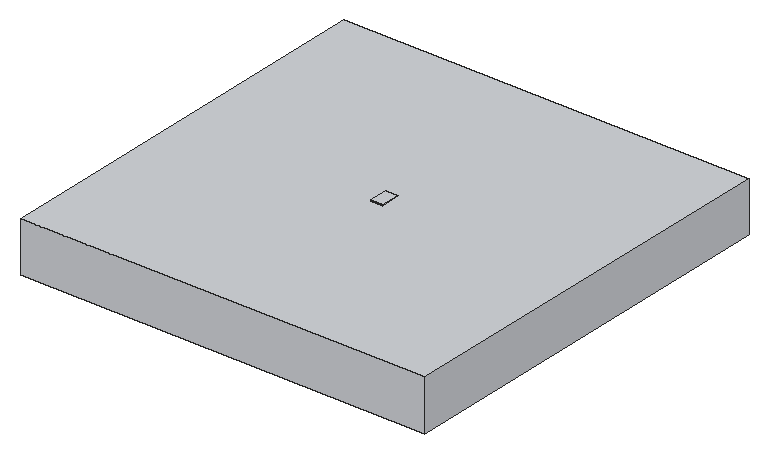
Revit family "M_Tomada de telefone", category Dispositivos de telefonia, Revit 2019
Family settings
  Hospedeiro = Face
  Manter orientação da anotação = Sim
  Cota do conector redondo = Utilizar diâmetro
  Tipo de parte = Normal
  Número OmniClass = 23.85.50.14
  Título OmniClass = Telephone and Intercommunication Equipment
  ID de item do Seek = Telephone Outlet-0000-CAN-ENU
  Corte com vazios quando carregada = Não
  Compartilhado = Não
  Ponto de cálculo do ambiente = Não
Parameters (values of type "Simples")
  Legenda = ""
  Elevação-padrão = 460 mm
  Assembly Code = ""
Types (3, lengths in mm): name | Legenda | Elevação-padrão
  Simples | "" | 460
  Público | "P" | 1200
  Parede | "W" | 1200
Reference planes
  plane 1 "Centro (Frente/Trás)": y = 0
  plane 2: z = 0
  plane 3 "Centro (Esquerda/Direita)": x = 0
  plane 4: x = -34.925
  plane 5: x = -19.05
  plane 6: y = 57.15
  plane 7: y = 38.1
  plane 8: x = 34.925
  plane 9: x = 19.05
  plane 10: y = -57.15
  plane 11: y = -38.1
  plane 12: z = 4.762
  plane 13: z = -53.975
Forms (mm)
  Extrusion 1, solid
    sketch origin (0, 0, 0) x (1, 0, 0) y (0, 1, 0)
      loop
        line (-1219.2, 1219.2) -> (-1219.2, -1219.2) -> (1219.2, -1219.2) -> (1219.2, 1219.2) -> (-1219.2, 1219.2)
    from 0 to -304.8
  Extrusion 2, solid
    sketch origin (0, 0, 0) x (1, 0, 0) y (0, 1, 0)
      loop
        line (-19.05, 38.1) -> (-19.05, -38.1) -> (19.05, -38.1) -> (19.05, 38.1) -> (-19.05, 38.1)
    from -53.975 to 0
  Extrusion 3, solid
    sketch origin (0, 0, 0) x (1, 0, 0) y (0, 1, 0)
      loop
        line (-34.925, 57.15) -> (-34.925, -57.15) -> (34.925, -57.15) -> (34.925, 57.15) -> (-34.925, 57.15)
    from 0 to 4.762
Lines and regions (mm)
  symbolic lines, detail levels fine
    curve 1: line (34.925, 0, 0) -> (-34.925, 0, 0)
    curve 2: line (34.925, 0, 4.762) -> (34.925, 0, 0)
    curve 3: line (-34.925, 0, 4.762) -> (34.925, 0, 4.762)
    curve 4: line (-34.925, 0, 0) -> (-34.925, 0, 4.762)
    curve 5: line (-19.05, 0, -53.975) -> (19.05, 0, -53.975)
    curve 6: line (-19.05, 0, 0) -> (-19.05, 0, -53.975)
    curve 7: line (19.05, 0, -53.975) -> (19.05, 0, 0)
Dimensions and locks
  locked: plane 5 to plane 9 at 38.1
  locked: plane 4 to plane 8 at 69.85
  locked: plane 10 to plane 6 at 114.3
  locked: plane 7 to plane 11 at 76.2
  locked: Extrusion 1 to plane 13 at 53.975
  locked: plane 12 to Extrusion 1 at 4.763
  aligned and locked: plane 2 to Extrusion 1
  aligned and locked: level to Extrusion 1
  aligned and locked: plane 5 to Extrusion 2 sketch curve
  aligned and locked: Extrusion 2 sketch curve to plane 7
  aligned and locked: plane 11 to Extrusion 2 sketch curve
  aligned and locked: plane 9 to Extrusion 2 sketch curve
  aligned and locked: plane 4 to Extrusion 3 sketch curve
  aligned and locked: Extrusion 3 sketch curve to plane 6
  aligned and locked: plane 10 to Extrusion 3 sketch curve
  aligned and locked: plane 8 to Extrusion 3 sketch curve
  aligned and locked: Extrusion 2 to plane 13
  aligned and locked: plane 12 to Extrusion 3
  aligned and locked: Extrusion 1 to Extrusion 2
  aligned and locked: Extrusion 3 to Extrusion 1
  aligned and locked: Extrusion 3 to plane 12
  aligned and locked: Extrusion 2 to Extrusion 1
  aligned and locked: plane 13 to Extrusion 2
  aligned and locked: curve 4 to plane 4
  aligned and locked: curve 2 to plane 8
  aligned and locked: curve 3 to plane 12
  aligned and locked: plane 2 to curve 1
  aligned and locked: plane 9 to curve 7
  aligned and locked: plane 5 to curve 6
  aligned and locked: curve 5 to plane 13
Nested families
  nested 1: "M_Anotação do telefone" at (0, 0, 0), type "M_Anotação do telefone", detail levels coarse+medium
Connectors
  electrical at (0, 38.1, -26.988)
    settings: on Extrusion 2, index 1, voltage 0 V, apparent load 0 VA, apparent load phase1 0 VA, apparent load phase2 0 VA, apparent load phase3 0 VA, power factor 1, load classification "Outros", number of poles 1, system type 9, power factor state 1, is connector primary yes, connector utility no, sub classification motor no, connector description ""
Definition of nested family "M_Anotação do telefone"
  Parameters
    L = ""
  Reference planes
    plane 1: y = 0
    plane 2: x = 0
  Lines and regions (mm)
    Filled region 1, type "Preto sólido"
      outline origin (0, 0, 0) x (1, 0, 0) y (0, 1, 0)
        loop
          line (2.004, 3.175) -> (-2.004, 3.175) -> (0, 0) -> (2.004, 3.175)
    reference lines
      curve 1: line (-3.173, 3.175, 0) -> (4.82, 3.175, 0)
      curve 2: line (-2.381, 4.207, 0) -> (-2.381, -2.59, 0)
      curve 3: line (2.381, 4.207, 0) -> (2.381, -2.59, 0)
  Text (mm)
    label "W" at (3.419, -0.851, 0), shows "L"
